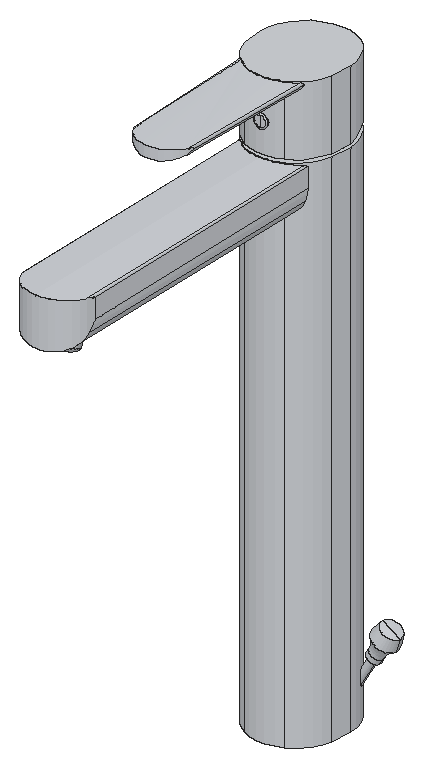
Revit family "Faucet-Lavatory-KOHLER-JULY-K-98421T_1", category Plumbing Fixtures, host Face, Revit 2017
Family settings
  Host = Face
  Round Connector Dimension = Use Diameter
  Part Type = Normal
  OmniClass Number = 23.31.11.00
  Cut with Voids When Loaded = No
  Shared = No
  Room Calculation Point = No
Parameters (values of type "CP-Polished Chrome")
  Width = 1.40945"  # constant formula
  WaterSense Certified = 1 = 0  # no
  Waste Water Outlet = "Waste Water Outlet"  # constant formula
  Waste Connection = 1 = 0  # no
  Vent Connection = 1 = 0  # no
  URL = "http://www.kohler.com.cn/"
  Type = 1
  Spout Reach = 6 127/256"  # constant formula
  Product Page URL = "https://www.kohler.com.cn/product/K-98421T-4-CP/K-98421T-4-CP/"
  Product Name = "JULY\r\n"  # constant formula
  Product Documentation Link = "https://files.kohler.com.cn/pdfs/98421t_4.pdf"
  Pressure = 60.00 psi  # constant formula
  Model = if(Type = 1, "K-98421T-4-CP", if(Type = 2, "K-98421T-4-AF", if(Type = 3, "K-98421T-4-BN", "NA")))  # "K-98421T-4-CP"
  Material = "Primium Metal Constriction"  # constant formula
  Master Format 2014 Name = "Residential Faucets, Supplies, and Trim"  # constant formula
  Master Format 2014 = "22 41 39"  # constant formula
  Manufacturer Address = "Kohler Beijing Office (100016) 36-2-03-B, No. 88, Liuxiang Road, Beijing"  # constant formula
  Manufacturer = "KOHLER Co."  # constant formula
  Length = Spout Reach  # 6 127/256"
  Hot Water Inlet = "Hot Water Inlet"  # constant formula
  Height = 12.44094"  # constant formula
  Handle Clearance = 4 17/128"  # constant formula
  HW Connection = 1 = 1  # yes
  Flow Rate = 2.2 GPM  # constant formula
  Finish = Kohler-Metal-CP-Polished_Chrome
  Environmental Product Declaration = ""
  Drain Included = 1 = 1  # yes
  Description = "Qiyue single lever bowl mixer (high spout)"  # constant formula
  Default Elevation = 36"
  Declare Label = ""
  Date Modified = "09/28/2020"  # constant formula
  Date Created = "09/28/2020"  # constant formula
  Copyright = "Copyright KOHLER Co."  # constant formula
  Contact Us = "http://www.kohler.com.cn/contact/contact-us/"
  Cold Water Inlet = "Cold Water Inlet"  # constant formula
  CW Connection = 1 = 1  # yes
  Assembly Code = "D2010"
  ADA Compliant = 1 = 0  # no
Types (4): name | Type | Product Page URL | Model | Finish
  (no name) | 1 | "https://www.kohler.com.cn/product/K-98421T-4-CP/K-98421T-4-CP/" | "K-98421T-4-CP" | Kohler-Metal-CP-Polished_Chrome
  CP-Polished Chrome | 1 | "https://www.kohler.com.cn/product/K-98421T-4-CP/K-98421T-4-CP/" | "K-98421T-4-CP" | Kohler-Metal-CP-Polished_Chrome
  AF-Flange Gold | 2 | "https://www.kohler.com.cn/product/K-98421T-4-CP/K-98421T-4-AF/" | "K-98421T-4-AF" | Kohler-Metal-AF-Flange_Gold
  BN-Roman Silver | 3 | "https://www.kohler.com.cn/product/K-98421T-4-CP/K-98421T-4-BN/" | "K-98421T-4-BN" | Kohler-Metal-BN-Roman_Silver
Reference planes (in)
  plane 1 "Center (Front/Back)": y = 0
  plane 2: z = 0
  plane 3 "Center (Left/Right)": x = 0
  plane 4: y = 0.93522
  plane 5: y = -6.49609
  plane 6: x = 0.70432
  plane 7: x = -0.70513
  plane 8: y = -4.13281
  plane 9: x = 1.6824
  plane 10: z = 10.91417
  plane 11: z = 9.76378
  plane 12: y = -7.01399
  plane 13: x = 0.42061
  plane 14: x = -0.42061
  plane 15: y = 0.36306
  plane 16: x = -0.93514
  plane 17: x = 0.93514
  plane 18: y = -1.17097
  plane 19: z = 12.44094
Dimensions and locks (in)
  "Spout Reach": nested 1 to plane 5
  "Width": plane 7 to plane 6
  "Length": plane 5 to plane 1 "Center (Front/Back)"
  "Handle Clearance": plane 8 to plane 1 "Center (Front/Back)"
  level to plane 11 = 9.76378"
  "Height": plane 19 to level
  aligned and locked: plane 2 to host face
  aligned and locked: level to host face
Automatic sketch dimensions
  host sketch curve to host sketch curve = 96"  (x2)
Nested families (in)
  nested 1: "K-98421T" at (0, 0, 0), type "K-98421T"
Connectors (in)
  piping at (0.42061, 0, 0), diameter 0.5, driven by "Flow Rate", driven by "Pressure", driven by "CW Connection", driven by "Cold Water Inlet"
    settings: on nested 1, index 1, connector inside diameter 24", connector length 0", flow factor 0, pipe flow 2.2 GPM, pressure drop 60.00 psi, fitting loss kfactor 0, connector angle 0.00°, fixture units 0, engagement length 0", angle of deflection 0.00°, flow configuration 1, flow direction 1, fitting loss method 4, system type 20, joint type 0, gender type 0, connector reference index -1, connector utility 1, adjustable connector no, is connector primary yes, connector description "Cold Water Inlet"
  piping at (-0.42061, 0, 0), diameter 0.5, driven by "Flow Rate", driven by "Pressure", driven by "HW Connection", driven by "Hot Water Inlet"
    settings: on nested 1, index 2, connector inside diameter 24", connector length 0", flow factor 0, pipe flow 2.2 GPM, pressure drop 60.00 psi, fitting loss kfactor 0, connector angle 0.00°, fixture units 0, engagement length 0", angle of deflection 0.00°, flow configuration 1, flow direction 1, fitting loss method 4, system type 19, joint type 0, gender type 0, connector reference index -1, connector utility 1, adjustable connector no, is connector primary no, connector description "Hot Water Inlet"
Definition of nested family "K-98421T"
  Parameters (values of type "K-98421T")
    material = none
  Reference planes (in)
    plane 1 "Center (Front/Back)": y = 0
    plane 2: z = 0
    plane 3 "Center (Left/Right)": x = 0
    plane 4: y = -6.49606
    plane 5: z = 9.76378
    plane 6: z = 12.44094
    plane 7: y = 0.93522
    plane 8: x = 0.93526
    plane 9: x = -0.93514
    plane 10: z = 10.91417
    plane 11: y = -1.171
    plane 12: x = 0.70432
    plane 13: x = -0.70432
    plane 14: y = -4.13278
    plane 15: y = -7.01266
    plane 16: x = 0.42061
    plane 17: x = -0.42061
  Forms (in)
    Extrusion 1, solid, material <- "material", detail levels medium+fine
      sketch origin (0, 0, 0) x (1, 0, 0) y (0, 1, 0)
        loop
          arc (0.93522, 0) -> (0, 0.93522) -> (-0.93522, 0) r 0.93522
          arc (-0.93522, 0) -> (-0.9241, -0.22595) -> (-0.89082, -0.44972) r 2.29961
          arc (-0.89082, -0.44972) -> (-0.72364, -0.81838) -> (-0.41074, -1.07519) r 0.89197
          arc (-0.41074, -1.07519) -> (0, -1.171) -> (0.41074, -1.07519) r 0.92829
          arc (0.41074, -1.07519) -> (0.72364, -0.81838) -> (0.89082, -0.44972) r 0.89197
          arc (0.89082, -0.44972) -> (0.9241, -0.22595) -> (0.93522, 0) r 2.29961
      from 0 to 10.91877
    Extrusion 2, solid, material <- "material", detail levels medium+fine
      sketch origin (0, 0, 0) x (1, 0, 0) y (0, 0, 1)
        loop
          line (-0.70432, 10.84448) -> (-0.70432, 10.43177)
          arc (-0.70432, 10.43177) -> (-0.69793, 10.31852) -> (-0.67883, 10.20671) r 1.00643
          arc (-0.67883, 10.20671) -> (-0.59084, 10.051) -> (-0.43209, 9.96861) r 0.31396
          arc (-0.43209, 9.96861) -> (0, 9.92746) -> (0.43209, 9.96861) r 2.2892
          arc (0.43209, 9.96861) -> (0.59084, 10.051) -> (0.67883, 10.20671) r 0.31396
          arc (0.67883, 10.20671) -> (0.69793, 10.31852) -> (0.70432, 10.43177) r 1.00643
          line (0.70432, 10.43177) -> (0.70432, 10.83919)
          arc (0.70432, 10.83919) -> (0.69437, 10.86515) -> (0.66962, 10.87782) r 0.03886
          arc (0.66962, 10.87782) -> (-0.00179, 10.91417) -> (-0.67326, 10.87901) r 6.3219
          arc (-0.67326, 10.87901) -> (-0.69541, 10.8677) -> (-0.70432, 10.84448) r 0.03472
      from 0 to 7.3468
    Revolve 3, solid, material <- "material", detail levels medium+fine
      sketch origin (0, 0, 0) x (0, 1, 0) y (0, 0, 1)
        loop
          line (0, 10.91901) -> (0.85726, 10.91901)
          arc (0.85726, 10.91901) -> (0.81306, 11.15746) -> (0.70312, 11.37362) r 0.84729
          arc (0.70312, 11.37362) -> (0.69098, 11.38422) -> (0.67533, 11.38803) r 0.03401
          line (0.67533, 11.38803) -> (0, 11.38803) -> (0, 10.91901)
        axis (0, 11.38803) -> (0, 10.91901)
      angle from 0 to 360
    Extrusion 4, void, detail levels medium+fine
      sketch origin (0, 0, 0) x (0, 1, 0) y (0, 0, 1)
        loop
          line (1.15841, 11.49601) -> (0.26549, 11.07963)
          arc (0.26549, 11.07963) -> (0.13516, 11.02709) -> (0, 10.98867) r 1.32324
          line (0, 10.98867) -> (1.15841, 10.98867) -> (1.15841, 11.49601)
      from -1.19109 to 1.30494
    Extrusion 5, void, detail levels medium+fine
      sketch origin (0, 0.03125, 0) x (1, 0, 0) y (0, 1, 0)
        loop
          line (-0.70888, -6.34947) -> (-0.70888, -7.38845) -> (0.70755, -7.38845) -> (0.70755, -6.34947)
          arc (0.70755, -6.34947) -> (-0.00066, -7.05768) -> (-0.70888, -6.34947) r 0.70822
      from 9.22858 to 11.36835
    Blend 6, solid, material <- "material", detail levels medium+fine
      base sketch origin (0, 0, 0.0625) x (1, 0, 0) y (0, 0, 1)
        loop
          arc (-0.68239, 12.31131) -> (-0.6245, 12.23224) -> (-0.53377, 12.1952) r 0.1801
          arc (-0.53377, 12.1952) -> (0, 12.16523) -> (0.53377, 12.1952) r 4.76907
          arc (0.53377, 12.1952) -> (0.6245, 12.23224) -> (0.68239, 12.31131) r 0.1801
          arc (0.68239, 12.31131) -> (0.67869, 12.34416) -> (0.65002, 12.36061) r 0.03658
          arc (0.65002, 12.36061) -> (0, 12.37759) -> (-0.65002, 12.36061) r 12.44792
          arc (-0.65002, 12.36061) -> (-0.67869, 12.34416) -> (-0.68239, 12.31131) r 0.03658
      top sketch origin (0, 0, 0.0625) x (1, 0, 0) y (0, 0, 1)
        loop
          arc (-0.48335, 12.21967) -> (0, 12.13913) -> (0.48335, 12.21967) r 1.4906
          arc (0.48335, 12.21967) -> (0.5382, 12.25401) -> (0.5722, 12.30908) r 0.14244
          arc (0.5722, 12.30908) -> (0.56748, 12.34351) -> (0.53721, 12.36061) r 0.03913
          arc (0.53721, 12.36061) -> (0, 12.3751) -> (-0.53721, 12.36061) r 9.96485
          arc (-0.53721, 12.36061) -> (-0.56748, 12.34351) -> (-0.5722, 12.30908) r 0.03913
          arc (-0.5722, 12.30908) -> (-0.5382, 12.25401) -> (-0.48335, 12.21967) r 0.14244
      from 0 to 4.37975
    Extrusion 7, void, detail levels medium+fine
      sketch origin (0, 0, 0) x (1, 0, 0) y (0, 1, 0)
        loop
          line (-0.60976, -3.52262) -> (-0.60976, -4.42106) -> (0.60905, -4.42106) -> (0.60905, -3.52262)
          arc (0.60905, -3.52262) -> (-0.00036, -4.13203) -> (-0.60976, -3.52262) r 0.60941
      from 12.05113 to 12.74638
    Extrusion 8, solid, material <- "material", detail levels medium+fine
      sketch origin (0, 0, 0) x (1, 0, 0) y (0, 1, 0)
        loop
          arc (0.93522, 0) -> (0, 0.93522) -> (-0.93522, 0) r 0.93522
          arc (-0.93522, 0) -> (-0.9241, -0.22595) -> (-0.89082, -0.44972) r 2.29961
          arc (-0.89082, -0.44972) -> (-0.72364, -0.81838) -> (-0.41074, -1.07519) r 0.89197
          arc (-0.41074, -1.07519) -> (0, -1.171) -> (0.41074, -1.07519) r 0.92829
          arc (0.41074, -1.07519) -> (0.72364, -0.81838) -> (0.89082, -0.44972) r 0.89197
          arc (0.89082, -0.44972) -> (0.9241, -0.22595) -> (0.93522, 0) r 2.29961
      from 10.98867 to 12.44094
    Revolve 9, solid, material <- "material", detail levels medium+fine
      sketch origin (0, 0.36303, 0.00108) x (1, 0, 0) y (0, 0, 1)
        loop
          line (0.35544, 0.125) -> (0.44663, 0.125) -> (1.50576, 1.95946)
          arc (1.50576, 1.95946) -> (1.40887, 2.00841) -> (1.30839, 2.04949) r 1.36286
          line (1.30839, 2.04949) -> (1.13065, 1.85209)
          arc (1.13065, 1.85209) -> (1.12653, 1.66228) -> (1.06031, 1.48435) r 0.57004
          line (1.06031, 1.48435) -> (1.00303, 1.38515) -> (1.063, 1.35053) -> (0.35544, 0.125)
        axis (0.42383, 0.08551) -> (1.50576, 1.95946)
      angle from 0 to 360
    Revolve 10, solid, material <- "material", detail levels medium+fine
      sketch origin (0, 0, 0) x (0, 1, 0) y (0, 0, 1)
        loop
          line (-6.45839, 9.86727) -> (-6.36014, 10.13723) -> (-6.75542, 10.2811) -> (-6.85732, 9.94782)
          arc (-6.85732, 9.94782) -> (-6.8541, 9.90918) -> (-6.82517, 9.88338) r 0.0523
          line (-6.82517, 9.88338) -> (-6.79183, 9.87126)
          arc (-6.79183, 9.87126) -> (-6.77045, 9.87221) -> (-6.756, 9.88798) r 0.02797
          line (-6.756, 9.88798) -> (-6.73298, 9.95122) -> (-6.45839, 9.86727)
        axis (-6.49612, 9.76362) -> (-6.36014, 10.13723)
      angle from 0 to 360
    Revolve 11, solid, material <- "material", detail levels medium+fine
      sketch origin (0, -0.01562, 0) x (0, 1, 0) y (0, 0, 1)
        loop
          line (-1.18185, 11.60457) -> (-1.03874, 11.60457) -> (-1.03874, 11.74719) -> (-1.16118, 11.74719)
          arc (-1.16118, 11.74719) -> (-1.17579, 11.74114) -> (-1.18185, 11.72652) r 0.02067
          line (-1.18185, 11.72652) -> (-1.18185, 11.60457)
        axis (-1.18185, 11.60457) -> (-1.03874, 11.60457)
      angle from 0 to 360
    Extrusion 12, solid, material <- "material", detail levels medium+fine
      sketch origin (0, 0, 0) x (1, 0, 0) y (0, 1, 0)
        loop
          circle (0.42061, 0) r 0.08926
        loop
          circle (-0.42061, 0) r 0.08926
      from 0 to 0.03989
    Extrusion 13, solid, material <- "material", detail levels coarse
      sketch origin (0, 0, 0) x (1, 0, 0) y (0, 1, 0)
        loop
          arc (0.93522, 0) -> (0, 0.93522) -> (-0.93522, 0) r 0.93522
          arc (-0.93522, 0) -> (-0.9241, -0.22595) -> (-0.89082, -0.44972) r 2.29961
          arc (-0.89082, -0.44972) -> (-0.72364, -0.81838) -> (-0.41074, -1.07519) r 0.89197
          arc (-0.41074, -1.07519) -> (0, -1.171) -> (0.41074, -1.07519) r 0.92829
          arc (0.41074, -1.07519) -> (0.72364, -0.81838) -> (0.89082, -0.44972) r 0.89197
          arc (0.89082, -0.44972) -> (0.9241, -0.22595) -> (0.93522, 0) r 2.29961
      from 0 to 12.44094
    Extrusion 14, solid, material <- "material", detail levels coarse
      sketch origin (0, 0, 0) x (1, 0, 0) y (0, 1, 0)
        loop
          line (0.68486, -0.25811) -> (-0.68486, -0.25811) -> (-0.60394, -3.57236)
          arc (-0.60394, -3.57236) -> (0, -4.16173) -> (0.60394, -3.57236) r 0.60412
          line (0.60394, -3.57236) -> (0.68486, -0.25811)
      from 12.22987 to 12.44094
    Extrusion 15, solid, material <- "material", detail levels coarse
      sketch origin (0, 0, 0) x (1, 0, 0) y (0, 1, 0)
        loop
          line (0.70593, -0.22451) -> (-0.70593, -0.22451) -> (-0.70593, -6.30542)
          arc (-0.70593, -6.30542) -> (0, -7.01134) -> (0.70593, -6.30542) r 0.70593
          line (0.70593, -6.30542) -> (0.70593, -0.22451)
      from 9.92792 to 10.91877
  Cuts and joins
    Extrusion 5, Extrusion 7 cuts Extrusion 1
    Extrusion 5, Extrusion 7 cuts Extrusion 2
    Extrusion 5, Extrusion 7 cuts Revolve 3
    Extrusion 7 cuts Blend 6
    Extrusion 4 cuts Extrusion 8
    joined: Extrusion 1, Extrusion 2, Revolve 3, Blend 6, Extrusion 8, Revolve 9
    joined: Revolve 10, Revolve 11
    joined: Extrusion 13, Extrusion 14, Extrusion 15
  Lines and regions (in)
    Masking region 1
      outline origin (0, 0, 0) x (1, 0, 0) y (0, 0, 1)
        loop
          line (-0.93522, 0) -> (0.93522, 0) -> (0.93522, 0.81446) -> (1.19965, 1.27246) -> (1.26052, 1.23731)
          arc (1.26052, 1.23731) -> (1.2973, 1.30437) -> (1.3377, 1.36933) r 1.39838
          arc (1.3377, 1.36933) -> (1.4526, 1.49594) -> (1.60033, 1.582) r 0.56023
          line (1.60033, 1.582) -> (1.68242, 1.83463)
          arc (1.68242, 1.83463) -> (1.50594, 1.96086) -> (1.30839, 2.05058) r 1.11632
          line (1.30839, 2.05058) -> (1.13065, 1.85318)
          arc (1.13065, 1.85318) -> (1.13111, 1.6933) -> (1.0866, 1.53974) r 0.56282
          arc (1.0866, 1.53974) -> (1.04765, 1.46145) -> (1.00303, 1.38623) r 1.18455
          line (1.00303, 1.38623) -> (1.063, 1.35161) -> (0.93522, 1.1303) -> (0.93522, 10.91877) -> (0.85727, 10.91877)
          arc (0.85727, 10.91877) -> (0.8543, 10.95371) -> (0.85161, 10.98867) r 4.29649
          line (0.85161, 10.98867) -> (0.93522, 10.98867) -> (0.93522, 12.41606)
          arc (0.93522, 12.41606) -> (0.92793, 12.43366) -> (0.91034, 12.44094) r 0.02489
          line (0.91034, 12.44094) -> (0, 12.44094) -> (-0.91179, 12.44094)
          arc (-0.91179, 12.44094) -> (-0.92836, 12.43408) -> (-0.93522, 12.41751) r 0.02344
          line (-0.93522, 12.41751) -> (-0.93522, 10.98867) -> (-0.85161, 10.98867)
          arc (-0.85161, 10.98867) -> (-0.8543, 10.95371) -> (-0.85727, 10.91877) r 4.29649
          line (-0.85727, 10.91877) -> (-0.93522, 10.91877) -> (-0.93522, 0)
    Masking region 2
      outline origin (0, 0, 0) x (0, 1, 0) y (0, 0, 1)
        loop
          line (-1.171, 0) -> (0.93522, 0) -> (0.93522, 10.91877) -> (0.85726, 10.91877)
          arc (0.85726, 10.91877) -> (0.82425, 11.1178) -> (0.74714, 11.30423) r 0.8875
          line (0.74714, 11.30423) -> (0.93522, 11.39194) -> (0.93522, 12.44094) -> (-4.09424, 12.44094)
          arc (-4.09424, 12.44094) -> (-4.12356, 12.41567) -> (-4.13153, 12.37778) r 0.06045
          arc (-4.13153, 12.37778) -> (-4.09171, 12.27483) -> (-4.00735, 12.20364) r 0.22273
          line (-4.00735, 12.20364) -> (-1.30734, 12.20364)
          arc (-1.30734, 12.20364) -> (-1.21094, 12.1637) -> (-1.171, 12.0673) r 0.13634
          line (-1.171, 12.0673) -> (-1.171, 11.74724)
          arc (-1.171, 11.74724) -> (-1.18948, 11.74161) -> (-1.19744, 11.72401) r 0.02342
          line (-1.19744, 11.72401) -> (-1.19744, 11.48396)
          arc (-1.19744, 11.48396) -> (-1.18939, 11.46674) -> (-1.171, 11.46189) r 0.02243
          line (-1.171, 11.46189) -> (-1.171, 10.98867) -> (-0.85161, 10.98867)
          arc (-0.85161, 10.98867) -> (-0.85494, 10.95377) -> (-0.85725, 10.91878) r 1.20805
          line (-0.85725, 10.91878) -> (-7.00717, 10.91878)
          arc (-7.00717, 10.91878) -> (-6.99051, 10.42271) -> (-6.87637, 9.93966) r 2.50484
          arc (-6.87637, 9.93966) -> (-6.85422, 9.90385) -> (-6.8188, 9.88107) r 0.09536
          line (-6.8188, 9.88107) -> (-6.16507, 9.64312)
          arc (-6.16507, 9.64312) -> (-6.12854, 9.64424) -> (-6.10281, 9.67019) r 0.04931
          line (-6.10281, 9.67019) -> (-5.99355, 9.92758) -> (-1.921, 9.92758)
          arc (-1.921, 9.92758) -> (-1.39067, 9.70791) -> (-1.171, 9.17758) r 0.75
          line (-1.171, 9.17758) -> (-1.171, 0)
    Masking region 3
      outline origin (0, 0, 0) x (1, 0, 0) y (0, 1, 0)
        loop
          arc (0.82419, 0.44199) -> (-0.22786, 0.90704) -> (-0.93522, 0) r 0.93522
          arc (-0.93522, 0) -> (-0.9241, -0.22595) -> (-0.89082, -0.44972) r 2.29961
          arc (-0.89082, -0.44972) -> (-0.82189, -0.65774) -> (-0.70432, -0.84267) r 0.89197
          line (-0.70432, -0.84267) -> (-0.70432, -6.39849)
          arc (-0.70432, -6.39849) -> (0.0371, -7.02545) -> (0.70432, -6.32004) r 0.7065
          line (0.70432, -6.32004) -> (0.70432, -0.84267)
          arc (0.70432, -0.84267) -> (0.82189, -0.65774) -> (0.89082, -0.44972) r 0.89197
          arc (0.89082, -0.44972) -> (0.9241, -0.22595) -> (0.93522, 0) r 2.29961
          arc (0.93522, 0) -> (0.92411, 0.14372) -> (0.89105, 0.28403) r 0.93522
          line (0.89105, 0.28403) -> (1.02278, 0.28403)
          spline (1.02278, 0.28403) -> (1.03069, 0.27113) -> (1.03974, 0.25927) -> (1.04983, 0.24858) -> (1.06085, 0.2392) -> (1.07267, 0.23123) -> (1.08515, 0.22476) -> (1.09817, 0.21986) -> (1.11156, 0.21659) -> (1.12518, 0.21499) -> (1.13887, 0.21506) -> (1.15247, 0.21682) -> (1.16584, 0.22025)
          spline (1.16584, 0.22025) -> (1.18491, 0.18967) -> (1.20746, 0.16243) -> (1.23307, 0.13908) -> (1.26124, 0.12004) -> (1.29141, 0.1057) -> (1.32302, 0.09633) -> (1.35545, 0.0921) -> (1.38807, 0.09311) -> (1.42026, 0.09933) -> (1.45139, 0.11065) -> (1.48086, 0.12683) -> (1.5081, 0.14758)
          spline (1.5081, 0.14758) -> (1.53131, 0.1511) -> (1.55395, 0.15794) -> (1.57568, 0.16799) -> (1.59615, 0.1811) -> (1.61504, 0.19705) -> (1.63206, 0.21561) -> (1.64693, 0.23647) -> (1.65944, 0.25932) -> (1.66937, 0.28379) -> (1.67658, 0.30951) -> (1.68095, 0.33606) -> (1.68242, 0.36303)
          spline (1.68242, 0.36303) -> (1.68095, 0.39) -> (1.67658, 0.41656) -> (1.66937, 0.44227) -> (1.65944, 0.46674) -> (1.64693, 0.48959) -> (1.63206, 0.51045) -> (1.61504, 0.52901) -> (1.59615, 0.54496) -> (1.57568, 0.55807) -> (1.55395, 0.56812) -> (1.53131, 0.57496) -> (1.5081, 0.57848)
          spline (1.5081, 0.57848) -> (1.48086, 0.59923) -> (1.45139, 0.61541) -> (1.42026, 0.62673) -> (1.38807, 0.63295) -> (1.35545, 0.63396) -> (1.32302, 0.62973) -> (1.29141, 0.62036) -> (1.26124, 0.60602) -> (1.23307, 0.58699) -> (1.20746, 0.56363) -> (1.18491, 0.53639) -> (1.16584, 0.50581)
          spline (1.16584, 0.50581) -> (1.15247, 0.50924) -> (1.13886, 0.511) -> (1.12517, 0.51108) -> (1.11155, 0.50947) -> (1.09816, 0.50619) -> (1.08514, 0.50129) -> (1.07265, 0.49482) -> (1.06083, 0.48684) -> (1.04981, 0.47746) -> (1.03972, 0.46677) -> (1.03067, 0.45491) -> (1.02277, 0.44199)
          line (1.02277, 0.44199) -> (0.82419, 0.44199)
    symbolic lines, detail levels medium+fine
      curve 1: spline (-0.38536, 0, 12.43321) -> (-0.40808, 0, 12.43244) -> (-0.43049, 0, 12.43165) -> (-0.45257, 0, 12.43084) -> (-0.4743, 0, 12.43) -> (-0.49567, 0, 12.42915) -> (-0.51666, 0, 12.42828) -> (-0.53725, 0, 12.42739) -> (-0.55743, 0, 12.42648) -> (-0.57717, 0, 12.42556) -> (-0.59647, 0, 12.42463) -> (-0.61531, 0, 12.42367) -> (-0.63368, 0, 12.42271)
      curve 2: spline (-0.63367, 0, 12.42246) -> (-0.63772, 0, 12.42183) -> (-0.64168, 0, 12.42039) -> (-0.64546, 0, 12.41817) -> (-0.64899, 0, 12.41521) -> (-0.65218, 0, 12.41158) -> (-0.65499, 0, 12.40735) -> (-0.65735, 0, 12.4026) -> (-0.65922, 0, 12.39743) -> (-0.66055, 0, 12.39194) -> (-0.66132, 0, 12.38624) -> (-0.66152, 0, 12.38046) -> (-0.66114, 0, 12.3747)
      curve 3: spline (-0.66114, 0, 12.3747) -> (-0.65447, 0, 12.3599) -> (-0.64678, 0, 12.34588) -> (-0.6381, 0, 12.33273) -> (-0.6285, 0, 12.32052) -> (-0.61801, 0, 12.30932) -> (-0.60672, 0, 12.29919) -> (-0.59467, 0, 12.2902) -> (-0.58194, 0, 12.2824) -> (-0.5686, 0, 12.27582) -> (-0.55473, 0, 12.27052) -> (-0.54041, 0, 12.26651) -> (-0.52573, 0, 12.26382)
      curve 4: spline (-0.52573, 0, 12.26382) -> (-0.51272, 0, 12.26208) -> (-0.49955, 0, 12.26036) -> (-0.48622, 0, 12.25865) -> (-0.47275, 0, 12.25698) -> (-0.45913, 0, 12.25533) -> (-0.44537, 0, 12.2537) -> (-0.43148, 0, 12.2521) -> (-0.41745, 0, 12.25052) -> (-0.4033, 0, 12.24897) -> (-0.38902, 0, 12.24745) -> (-0.37462, 0, 12.24596) -> (-0.36011, 0, 12.24449)
      curve 5: spline (0.5527, 0, 12.42311) -> (0.49471, 0, 12.42565) -> (0.419, 0, 12.42786) -> (0.32828, 0, 12.42967) -> (0.22581, 0, 12.43102) -> (0.11524, 0, 12.43184) -> (0.00054, 0, 12.43212) -> (-0.11419, 0, 12.43184) -> (-0.22486, 0, 12.43102) -> (-0.32748, 0, 12.42967) -> (-0.41841, 0, 12.42786) -> (-0.49437, 0, 12.42565) -> (-0.55266, 0, 12.42311)
      curve 6: spline (-0.48933, 0, 12.27942) -> (-0.50103, 0, 12.28353) -> (-0.51218, 0, 12.28834) -> (-0.52277, 0, 12.29384) -> (-0.53278, 0, 12.3) -> (-0.54218, 0, 12.30683) -> (-0.55096, 0, 12.31431) -> (-0.55911, 0, 12.32243) -> (-0.56661, 0, 12.33117) -> (-0.57344, 0, 12.34051) -> (-0.5796, 0, 12.35044) -> (-0.58507, 0, 12.36094) -> (-0.58984, 0, 12.372)
      curve 7: spline (0.66121, 0, 12.37535) -> (0.65455, 0, 12.36052) -> (0.64686, 0, 12.34646) -> (0.63819, 0, 12.33327) -> (0.62858, 0, 12.32103) -> (0.61809, 0, 12.3098) -> (0.60678, 0, 12.29964) -> (0.59472, 0, 12.29062) -> (0.58198, 0, 12.2828) -> (0.56862, 0, 12.2762) -> (0.55473, 0, 12.27088) -> (0.54039, 0, 12.26687) -> (0.52568, 0, 12.26418)
      curve 8: spline (0.38536, 0, 12.43321) -> (0.40808, 0, 12.43244) -> (0.43049, 0, 12.43165) -> (0.45257, 0, 12.43084) -> (0.4743, 0, 12.43) -> (0.49567, 0, 12.42915) -> (0.51666, 0, 12.42828) -> (0.53725, 0, 12.42739) -> (0.55743, 0, 12.42648) -> (0.57717, 0, 12.42556) -> (0.59647, 0, 12.42463) -> (0.61531, 0, 12.42367) -> (0.63368, 0, 12.42271)
      curve 9: spline (0.63367, 0, 12.42246) -> (0.63768, 0, 12.42184) -> (0.64161, 0, 12.42042) -> (0.64536, 0, 12.41824) -> (0.64886, 0, 12.41534) -> (0.65204, 0, 12.41177) -> (0.65484, 0, 12.40761) -> (0.65721, 0, 12.40293) -> (0.65909, 0, 12.39783) -> (0.66046, 0, 12.39242) -> (0.66127, 0, 12.38679) -> (0.66152, 0, 12.38107) -> (0.66121, 0, 12.37535)
      curve 10: arc (0.52568, 0, 12.26418) -> (0.45108, 0, 12.25513) -> (0.37625, 0, 12.24822) r 2.61997
      curve 11: spline (0.41074, 0, 12.43235) -> (0.34602, 0, 12.43446) -> (0.27929, 0, 12.4362) -> (0.21091, 0, 12.43757) -> (0.1413, 0, 12.43855) -> (0.07086, 0, 12.43914) -> (0, 0, 12.43934) -> (-0.07086, 0, 12.43914) -> (-0.1413, 0, 12.43855) -> (-0.21091, 0, 12.43757) -> (-0.27929, 0, 12.4362) -> (-0.34602, 0, 12.43446) -> (-0.41074, 0, 12.43235)
      curve 12: spline (0.59009, 0, 12.37256) -> (0.58559, 0, 12.36171) -> (0.58034, 0, 12.35136) -> (0.57435, 0, 12.34154) -> (0.56763, 0, 12.33226) -> (0.56019, 0, 12.32355) -> (0.55206, 0, 12.31541) -> (0.54323, 0, 12.30786) -> (0.53373, 0, 12.30091) -> (0.52357, 0, 12.29458) -> (0.51278, 0, 12.28888) -> (0.50137, 0, 12.28382) -> (0.48937, 0, 12.27941)
      curve 13: spline (0.55267, 0, 12.42311) -> (0.49467, 0, 12.42565) -> (0.41896, 0, 12.42786) -> (0.32825, 0, 12.42967) -> (0.22579, 0, 12.43102) -> (0.11523, 0, 12.43184) -> (0.00054, 0, 12.43212) -> (-0.11418, 0, 12.43184) -> (-0.22484, 0, 12.43102) -> (-0.32746, 0, 12.42967) -> (-0.41837, 0, 12.42786) -> (-0.49434, 0, 12.42565) -> (-0.55263, 0, 12.42311)
      curve 14: arc (-0.58984, 0, 12.372) -> (-0.58522, 0, 12.40772) -> (-0.55266, 0, 12.42311) r 0.03753
      curve 15: arc (0.48937, 0, 12.27941) -> (0.00002, 0, 12.20418) -> (-0.48933, 0, 12.27942) r 1.62914
      curve 16: arc (0.59005, 0, 12.37257) -> (0.58505, 0, 12.40796) -> (0.55268, 0, 12.42311) r 0.03753
      curve 17: arc (0, 0, 11.46194) -> (0.14263, 0, 11.60457) -> (0, 0, 11.74719) r 0.14263
      curve 18: arc (0, 0, 11.74719) -> (-0.14263, 0, 11.60457) -> (0, 0, 11.46194) r 0.14263
      curve 19: line (-0.85161, 0, 10.98867) -> (0.85161, 0, 10.98867)
      curve 20: line (-0.85727, 0, 10.91877) -> (0.85727, 0, 10.91877)
      curve 21: line (0.70432, 0, 10.43177) -> (0.70432, 0, 10.83919)
      curve 22: arc (0.67883, 0, 10.20671) -> (0.69793, 0, 10.31852) -> (0.70432, 0, 10.43177) r 1.00643
      curve 23: arc (0.41075, 0, 9.96526) -> (0.58294, 0, 10.04364) -> (0.67883, 0, 10.20671) r 0.31396
      curve 24: line (0.41075, 0, 9.96526) -> (0.40239, 0, 9.80567)
      curve 25: arc (0.40239, 0, 9.80567) -> (0.38618, 0, 9.74824) -> (0.34682, 0, 9.7034) r 0.13509
      curve 26: arc (0.34682, 0, 9.7034) -> (0.26123, 0, 9.66164) -> (0.16882, 0, 9.63861) r 0.45521
      curve 27: arc (0.16882, 0, 9.63861) -> (0.08461, 0, 9.6292) -> (0, 0, 9.62456) r 1.50086
      curve 28: line (-0.70432, 0, 10.43177) -> (-0.70432, 0, 10.83919)
      curve 29: arc (-0.67883, 0, 10.20671) -> (-0.69793, 0, 10.31852) -> (-0.70432, 0, 10.43177) r 1.00643
      curve 30: arc (-0.41075, 0, 9.96526) -> (-0.58294, 0, 10.04364) -> (-0.67883, 0, 10.20671) r 0.31396
      curve 31: line (-0.41075, 0, 9.96526) -> (-0.40239, 0, 9.80567)
      curve 32: arc (-0.40239, 0, 9.80567) -> (-0.38618, 0, 9.74824) -> (-0.34682, 0, 9.7034) r 0.13509
      curve 33: arc (-0.34682, 0, 9.7034) -> (-0.26123, 0, 9.66164) -> (-0.16882, 0, 9.63861) r 0.45521
      curve 34: arc (-0.16882, 0, 9.63861) -> (-0.08461, 0, 9.6292) -> (0, 0, 9.62456) r 1.50086
      curve 35: arc (-0.67326, 0, 10.87901) -> (-0.00206, 0, 10.91417) -> (0.66915, 0, 10.87901) r 6.42347
      curve 36: arc (0.66915, 0, 10.87901) -> (0.69449, 0, 10.86594) -> (0.70432, 0, 10.83919) r 0.03928
      curve 37: arc (-0.70432, 0, 10.83919) -> (-0.69725, 0, 10.8657) -> (-0.67326, 0, 10.87901) r 0.03507
      curve 38: arc (-0.4116, 0, 9.96477) -> (-0.00027, 0, 9.92746) -> (0.41108, 0, 9.96467) r 2.2892
      curve 39: arc (0.34682, 0, 9.75385) -> (0.26123, 0, 9.7956) -> (0.16882, 0, 9.81864) r 0.45521
      curve 40: arc (0.16882, 0, 9.81864) -> (0.08461, 0, 9.82804) -> (0, 0, 9.83268) r 1.50086
      curve 41: arc (0.34682, 0, 9.7034) -> (0.3608, 0, 9.72862) -> (0.34682, 0, 9.75385) r 0.02975
      curve 42: arc (-0.34682, 0, 9.75385) -> (-0.26123, 0, 9.7956) -> (-0.16882, 0, 9.81864) r 0.45521
      curve 43: arc (-0.16882, 0, 9.81864) -> (-0.08461, 0, 9.82804) -> (0, 0, 9.83268) r 1.50086
      curve 44: arc (-0.34682, 0, 9.7034) -> (-0.3608, 0, 9.72862) -> (-0.34682, 0, 9.75385) r 0.02975
      curve 45: line (1.13065, 0, 1.85318) -> (1.60033, 0, 1.582)
      curve 46: line (1.063, 0, 1.35161) -> (1.19979, 0, 1.27264)
      curve 47: line (1.30839, 0, 2.05058) -> (1.68242, 0, 1.83463)
      curve 48: line (0.93522, 0, 1.1303) -> (0.93522, 0, 0.81446)
      curve 49: line (0, -1.171, 11.74724) -> (0, -1.171, 11.46189)
      curve 50: line (0, -0.85161, 10.98867) -> (0, 0, 10.98867)
      curve 51: line (0, -0.85725, 10.91878) -> (0, 0.85726, 10.91878)
      curve 52: arc (0, 0.26549, 11.07963) -> (0, 0.13516, 11.02709) -> (0, 0, 10.98867) r 1.32324
      curve 53: line (0, 0.26549, 11.07963) -> (0, 0.74714, 11.30423)
      curve 54: spline (0, 0.36303, 1.83463) -> (0, 0.41892, 1.83831) -> (0, 0.471, 1.8491) -> (0, 0.51573, 1.86625) -> (0, 0.55005, 1.88862) -> (0, 0.57162, 1.91466) -> (0, 0.57898, 1.9426) -> (0, 0.57162, 1.97055) -> (0, 0.55005, 1.99659) -> (0, 0.51573, 2.01895) -> (0, 0.471, 2.03611) -> (0, 0.41892, 2.0469) -> (0, 0.36303, 2.05058)
      curve 55: spline (0, 0.36303, 2.05058) -> (0, 0.30714, 2.0469) -> (0, 0.25506, 2.03611) -> (0, 0.21033, 2.01895) -> (0, 0.17601, 1.99659) -> (0, 0.15444, 1.97055) -> (0, 0.14708, 1.9426) -> (0, 0.15444, 1.91466) -> (0, 0.17601, 1.88862) -> (0, 0.21033, 1.86625) -> (0, 0.25506, 1.8491) -> (0, 0.30714, 1.83831) -> (0, 0.36303, 1.83463)
      curve 56: spline (0, 0.36303, 1.582) -> (0, 0.39843, 1.58316) -> (0, 0.43322, 1.58662) -> (0, 0.4668, 1.59232) -> (0, 0.49862, 1.60017) -> (0, 0.52811, 1.61002) -> (0, 0.55478, 1.62172) -> (0, 0.57817, 1.63505) -> (0, 0.59787, 1.6498) -> (0, 0.61356, 1.6657) -> (0, 0.62496, 1.6825) -> (0, 0.63188, 1.69989) -> (0, 0.6342, 1.71759)
      curve 57: spline (0, 0.36303, 1.23801) -> (0, 0.38339, 1.23872) -> (0, 0.40335, 1.24081) -> (0, 0.42256, 1.24425) -> (0, 0.44064, 1.24899) -> (0, 0.45724, 1.25491) -> (0, 0.47207, 1.26192) -> (0, 0.48482, 1.26989) -> (0, 0.49527, 1.27865) -> (0, 0.50321, 1.28805) -> (0, 0.50849, 1.2979) -> (0, 0.51102, 1.30802) -> (0, 0.51075, 1.31822)
      curve 58: line (0, 0.57898, 1.9426) -> (0, 0.6342, 1.71759)
      curve 59: line (0, 0.14708, 1.9426) -> (0, 0.09186, 1.71759)
      curve 60: arc (0, 0.59688, 1.64895) -> (0, 0.54173, 1.55745) -> (0, 0.5139, 1.4543) r 0.38426
      curve 61: arc (0, 0.5139, 1.4543) -> (0, 0.50889, 1.38634) -> (0, 0.51075, 1.31822) r 0.67565
      curve 62: arc (0, 0.12863, 1.64942) -> (0, 0.18295, 1.5633) -> (0, 0.21078, 1.46535) r 0.35739
      curve 63: arc (0, 0.21078, 1.46535) -> (0, 0.21692, 1.38885) -> (0, 0.21481, 1.31212) r 0.71388
      curve 64: spline (0, 0.09186, 1.71759) -> (0, 0.09418, 1.69989) -> (0, 0.1011, 1.6825) -> (0, 0.1125, 1.6657) -> (0, 0.12819, 1.6498) -> (0, 0.14789, 1.63505) -> (0, 0.17128, 1.62172) -> (0, 0.19795, 1.61002) -> (0, 0.22744, 1.60017) -> (0, 0.25926, 1.59232) -> (0, 0.29285, 1.58662) -> (0, 0.32764, 1.58316) -> (0, 0.36303, 1.582)
      curve 65: spline (0, 0.21481, 1.31212) -> (0, 0.21608, 1.30245) -> (0, 0.21986, 1.29294) -> (0, 0.22609, 1.28376) -> (0, 0.23467, 1.27507) -> (0, 0.24544, 1.26701) -> (0, 0.25822, 1.25972) -> (0, 0.2728, 1.25333) -> (0, 0.28892, 1.24794) -> (0, 0.30631, 1.24366) -> (0, 0.32467, 1.24054) -> (0, 0.34368, 1.23865) -> (0, 0.36303, 1.23801)
      curve 66: line (0, 0.44155, 1.25012) -> (0, 0.44155, 0.80666)
      curve 67: line (0, 0.28383, 1.24984) -> (0, 0.28383, 0.90991)
      curve 68: arc (0, 0.28383, 0.90991) -> (0, 0.29067, 0.8277) -> (0, 0.31648, 0.74935) r 0.35157
      curve 69: arc (0, 0.31648, 0.74935) -> (0, 0.33652, 0.71593) -> (0, 0.36303, 0.68738) r 0.18733
      curve 70: arc (0, 0.36303, 0.68738) -> (0, 0.39985, 0.67855) -> (0, 0.42806, 0.7038) r 0.04078
      curve 71: arc (0, 0.42806, 0.7038) -> (0, 0.44068, 0.75446) -> (0, 0.44155, 0.80666) r 0.23003
      curve 72: spline (1.52801, 0.57567, 0) -> (1.50096, 0.57888, 0) -> (1.4738, 0.57753, 0) -> (1.44709, 0.57165, 0) -> (1.42141, 0.56136, 0) -> (1.39729, 0.54687, 0) -> (1.37524, 0.52851, 0) -> (1.35573, 0.50664, 0) -> (1.33918, 0.48174, 0) -> (1.32592, 0.45433, 0) -> (1.31625, 0.42499, 0) -> (1.31036, 0.39434, 0) -> (1.30839, 0.36303, 0)
      curve 73: spline (1.30839, 0.36303, 0) -> (1.31036, 0.33172, 0) -> (1.31625, 0.30107, 0) -> (1.32592, 0.27173, 0) -> (1.33918, 0.24432, 0) -> (1.35573, 0.21942, 0) -> (1.37524, 0.19756, 0) -> (1.39729, 0.17919, 0) -> (1.42141, 0.1647, 0) -> (1.44709, 0.15441, 0) -> (1.4738, 0.14853, 0) -> (1.50096, 0.14718, 0) -> (1.52801, 0.15039, 0)
      curve 74: spline (1.13065, 0.36303, 0) -> (1.1309, 0.35047, 0) -> (1.13165, 0.33794, 0) -> (1.13291, 0.32546, 0) -> (1.13467, 0.31306, 0) -> (1.13692, 0.30077, 0) -> (1.13966, 0.28861, 0) -> (1.14289, 0.27661, 0) -> (1.14659, 0.2648, 0) -> (1.15077, 0.2532, 0) -> (1.15541, 0.24183, 0) -> (1.16049, 0.23073, 0) -> (1.16602, 0.21991, 0)
      curve 75: spline (1.16366, 0.50168, 0) -> (1.1585, 0.49112, 0) -> (1.15374, 0.48031, 0) -> (1.14941, 0.46926, 0) -> (1.14552, 0.458, 0) -> (1.14206, 0.44655, 0) -> (1.13905, 0.43493, 0) -> (1.13649, 0.42317, 0) -> (1.13439, 0.41128, 0) -> (1.13276, 0.39931, 0) -> (1.13158, 0.38725, 0) -> (1.13088, 0.37515, 0) -> (1.13065, 0.36303, 0)
      curve 76: arc (1.02278, 0.28403, 0) -> (1.00303, 0.36249, 0) -> (1.02278, 0.44095, 0) r 0.1657
      curve 77: arc (0.82419, 0.44199, 0) -> (0.86125, 0.36455, 0) -> (0.89105, 0.28403, 0) r 0.93522
      curve 78: arc (-0.70432, -0.84267, 0) -> (0, -1.171, 0) -> (0.70432, -0.84267, 0) r 0.9196
      curve 79: line (0.65349, -1.171, 0) -> (0.58996, -3.67397, 0)
      curve 80: arc (0, -4.13203, 0) -> (0.2662, -4.07064, 0) -> (0.47883, -3.89913, 0) r 0.60941
      curve 81: arc (0.47883, -3.89913, 0) -> (0.54611, -3.79233, 0) -> (0.58996, -3.67397, 0) r 0.60941
      curve 82: line (-0.65349, -1.171, 0) -> (-0.58996, -3.67397, 0)
      curve 83: arc (0, -4.13203, 0) -> (-0.2662, -4.07064, 0) -> (-0.47883, -3.89913, 0) r 0.60941
      curve 84: arc (-0.47883, -3.89913, 0) -> (-0.54611, -3.79233, 0) -> (-0.58996, -3.67397, 0) r 0.60941
      curve 85: arc (0.70432, -0.84267, 0) -> (0.66837, -1.00521, 0) -> (0.65349, -1.171, 0) r 1.29927
      curve 86: arc (-0.70432, -0.84267, 0) -> (-0.66837, -1.00521, 0) -> (-0.65349, -1.171, 0) r 1.29927
      curve 87: spline (-0.31947, 0, 9.73274) -> (-0.30859, 0, 9.71216) -> (-0.27667, 0, 9.69298) -> (-0.2259, 0, 9.67651) -> (-0.15974, 0, 9.66387) -> (-0.08269, 0, 9.65593) -> (0, 0, 9.65322) -> (0.08269, 0, 9.65593) -> (0.15974, 0, 9.66387) -> (0.2259, 0, 9.67651) -> (0.27667, 0, 9.69298) -> (0.30859, 0, 9.71216) -> (0.31947, 0, 9.73274) -> (0.30859, 0, 9.75331) -> (0.27667, 0, 9.77249) -> (0.2259, 0, 9.78896) -> (0.15974, 0, 9.8016) -> (0.08269, 0, 9.80954) -> (0, 0, 9.81225) -> (-0.08269, 0, 9.80954) -> (-0.15974, 0, 9.8016) -> (-0.2259, 0, 9.78896) -> (-0.27667, 0, 9.77249) -> (-0.30859, 0, 9.75331) -> (-0.31947, 0, 9.73274)
      curve 88: arc (0, -6.87873, 9.96863) -> (0, -6.43461, 9.9812) -> (0, -5.99355, 9.92758) r 2.97919
      curve 89: line (0, -6.32483, 9.70127) -> (0, -6.29084, 9.79465)
      curve 90: line (0, -6.75267, 9.857) -> (0, -6.71868, 9.95037)
      curve 91: line (0, -6.71868, 9.95037) -> (0, -6.29084, 9.79465)
  Dimensions and locks (in)
    aligned and locked: plane 2 to level
